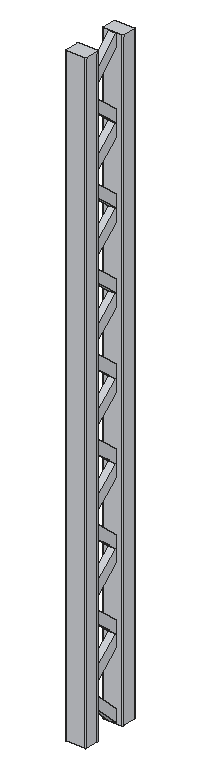
Revit family "GT24Grider2400", category Generic Models, Revit 2019
Family settings
  Can host rebar = No
  Round Connector Dimension = Use Diameter
  Part Type = Normal
  Work Plane-Based = No
  Always vertical = Yes
  Cut with Voids When Loaded = No
  Shared = No
  Room Calculation Point = No
Reference planes
  plane 1 "Center (Front/Back)": y = 0
  plane 2: z = 0
  plane 3 "Center (Left/Right)": x = 0
Forms (mm)
  Extrusion 1, solid
    sketch origin (-40, 60, 0) x (1, 0, 0) y (0, 1, 0)
      loop
        line (5, 0) -> (75, 0)
        arc (75, 0) -> (78.536, 1.464) -> (80, 5) r 5
        line (80, 5) -> (80, 55)
        arc (80, 55) -> (78.536, 58.536) -> (75, 60) r 5
        line (75, 60) -> (5, 60)
        arc (5, 60) -> (1.464, 58.536) -> (0, 55) r 5
        line (0, 55) -> (0, 5)
        arc (0, 5) -> (1.464, 1.464) -> (5, 0) r 5
    from 0 to 2400
  Extrusion 2, solid
    sketch origin (-40, -60, 0) x (1, 0, 0) y (0, 1, 0)
      loop
        arc (5, 0) -> (1.464, -1.464) -> (0, -5) r 5
        line (0, -5) -> (0, -55)
        arc (0, -55) -> (1.464, -58.536) -> (5, -60) r 5
        line (5, -60) -> (75, -60)
        arc (75, -60) -> (78.536, -58.536) -> (80, -55) r 5
        line (80, -55) -> (80, -5)
        arc (80, -5) -> (78.536, -1.464) -> (75, 0) r 5
        line (75, 0) -> (5, 0)
    from 0 to 2400
  Extrusion 3, solid
    sketch origin (0, 0, 0) x (0, 1, 0) y (0, 0, 1)
      loop
        line (60, 261) -> (60, 311) -> (-60, 213) -> (-60, 163) -> (60, 261)
    from -14 to 14
  Extrusion 4, solid
    sketch origin (0, 0, 622) x (0, 1, 0) y (0, 0, 1)
      loop
        line (60, -261) -> (-60, -163) -> (-60, -213) -> (60, -311) -> (60, -261)
    from -14 to 14
  Extrusion 5, solid
    sketch origin (0, 0, 296) x (0, 1, 0) y (0, 0, 1)
      loop
        line (60, 261) -> (60, 311) -> (-60, 213) -> (-60, 163) -> (60, 261)
    from -14 to 14
  Extrusion 6, solid
    sketch origin (0, 0, 592) x (0, 1, 0) y (0, 0, 1)
      loop
        line (60, 261) -> (60, 311) -> (-60, 213) -> (-60, 163) -> (60, 261)
    from -14 to 14
  Extrusion 7, solid
    sketch origin (0, 0, 888) x (0, 1, 0) y (0, 0, 1)
      loop
        line (60, 261) -> (60, 311) -> (-60, 213) -> (-60, 163) -> (60, 261)
    from -14 to 14
  Extrusion 8, solid
    sketch origin (0, 0, 1184) x (0, 1, 0) y (0, 0, 1)
      loop
        line (60, 261) -> (60, 311) -> (-60, 213) -> (-60, 163) -> (60, 261)
    from -14 to 14
  Extrusion 9, solid
    sketch origin (0, 0, 1480) x (0, 1, 0) y (0, 0, 1)
      loop
        line (60, 261) -> (60, 311) -> (-60, 213) -> (-60, 163) -> (60, 261)
    from -14 to 14
  Extrusion 10, solid
    sketch origin (0, 0, 1776) x (0, 1, 0) y (0, 0, 1)
      loop
        line (60, 261) -> (60, 311) -> (-60, 213) -> (-60, 163) -> (60, 261)
    from -14 to 14
  Extrusion 11, solid
    sketch origin (0, 0, 2072) x (0, 1, 0) y (0, 0, 1)
      loop
        line (60, 278) -> (60, 328) -> (-60, 213) -> (-60, 163) -> (60, 278)
    from -14 to 14
  Extrusion 12, solid
    sketch origin (0, 0, 918) x (0, 1, 0) y (0, 0, 1)
      loop
        line (60, -261) -> (-60, -163) -> (-60, -213) -> (60, -311) -> (60, -261)
    from -14 to 14
  Extrusion 13, solid
    sketch origin (0, 0, 1214) x (0, 1, 0) y (0, 0, 1)
      loop
        line (60, -261) -> (-60, -163) -> (-60, -213) -> (60, -311) -> (60, -261)
    from -14 to 14
  Extrusion 14, solid
    sketch origin (0, 0, 1510) x (0, 1, 0) y (0, 0, 1)
      loop
        line (60, -261) -> (-60, -163) -> (-60, -213) -> (60, -311) -> (60, -261)
    from -14 to 14
  Extrusion 15, solid
    sketch origin (0, 0, 1806) x (0, 1, 0) y (0, 0, 1)
      loop
        line (60, -261) -> (-60, -163) -> (-60, -213) -> (60, -311) -> (60, -261)
    from -14 to 14
  Extrusion 16, solid
    sketch origin (0, 0, 2102) x (0, 1, 0) y (0, 0, 1)
      loop
        line (60, -261) -> (-60, -163) -> (-60, -213) -> (60, -311) -> (60, -261)
    from -14 to 14
  Extrusion 17, solid
    sketch origin (0, 0, 2398) x (0, 1, 0) y (0, 0, 1)
      loop
        line (60, -261) -> (-60, -163) -> (-60, -213) -> (60, -311) -> (60, -261)
    from -14 to 14
  Extrusion 18, solid
    sketch origin (0, 0, 326) x (0, 1, 0) y (0, 0, 1)
      loop
        line (60, -326) -> (60, -276) -> (-60, -163) -> (-60, -213) -> (60, -326)
    from -14 to 14
Dimensions and locks
  Extrusion 1 to Extrusion 2 = 240 mm
  aligned and locked: level to plane 2
